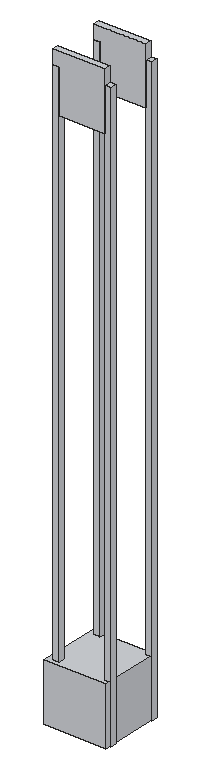
Revit family "GIS_SteelSupport", category Modelos genéricos, Revit 2027
Family settings
  Pode hospedar o vergalhão = Não
  Cota do conector redondo = Utilizar diâmetro
  Tipo de parte = Normal
  Com base no plano de trabalho = Não
  Sempre na vertical = Sim
  Corte com vazios quando carregada = Não
  Manter orientação da anotação = Não
  Compartilhado = Não
  Ponto de cálculo do ambiente = Não
Parameters (values of type "GIS_STEEL_SUPPORT_STUDY")
  Elevação padrão = 0 mm
  BIM_TensaoSecundaria_kV = 0
  BIM_TensaoNominal_kV = 0
  BIM_TensaoClasse_kV = 0
  BIM_TensaoClasseSecundaria_kV = 0
  BIM_TensaoAuxiliarCA_kV = 0
  BIM_Sistema_Elemento [instance] = ""
  BIM_ReferenciaCatalogo = "Portfolio estimate; structural design pending"
  BIM_Profundidade = 240 mm
  BIM_Potencia_MVA = 0
  BIM_Localizacao [instance] = ""
  BIM_Largura = 240 mm
  BIM_Impedancia_pu = 0
  BIM_FonteGeometria = "Portfolio estimate; structural design pending"
  BIM_Fabricante = "NAO SELECIONADO"
  BIM_EstadoGeometria = "ESTIMATED"
  BIM_EstadoEspecificacao = "PREMISSA / NAO SELECIONADO"
  BIM_DescricaoEstudo = "Suporte metalico conceitual; perfis, cargas e ancoragens pendentes."
  BIM_CorrenteReferenciaSecundaria_A = 0
  BIM_CorrenteNominal_A = 0
  BIM_Bay [instance] = ""
  BIM_AlturaCorpoPrincipal = 224 mm
  BIM_Altura = 2800 mm
Reference planes
  plane 1 "Centro (Frente/Trás)": y = 0
  plane 2: z = 0
  plane 3 "Centro (Esquerda/Direita)": x = 0
  plane 4 "BIM Left": x = -120
  plane 5 "BIM Right": x = 120
  plane 6 "BIM Front": y = -120
  plane 7 "BIM Back": y = 120
Forms (mm)
  Extrusion 1, solid
    sketch origin (0, 0, 0) x (1, 0, 0) y (0, 1, 0)
      loop
        line (-120, -120) -> (120, -120) -> (120, 120) -> (-120, 120) -> (-120, -120)
    from 0 to 224 <- "BIM_AlturaCorpoPrincipal"
  Extrusion 2, solid
    sketch origin (0, 0, 0) x (1, 0, 0) y (0, 1, 0)
      loop
        line (-100.8, -100.8) -> (-76.8, -100.8) -> (-76.8, -76.8) -> (-100.8, -76.8) -> (-100.8, -100.8)
    from 0 to 2296
  Extrusion 3, solid
    sketch origin (0, 0, 0) x (1, 0, 0) y (0, 1, 0)
      loop
        line (100.8, -100.8) -> (124.8, -100.8) -> (124.8, -76.8) -> (100.8, -76.8) -> (100.8, -100.8)
    from 0 to 2296
  Extrusion 4, solid
    sketch origin (0, 0, 0) x (1, 0, 0) y (0, 1, 0)
      loop
        line (-100.8, 100.8) -> (-76.8, 100.8) -> (-76.8, 124.8) -> (-100.8, 124.8) -> (-100.8, 100.8)
    from 0 to 2296
  Extrusion 5, solid
    sketch origin (0, 0, 0) x (1, 0, 0) y (0, 1, 0)
      loop
        line (100.8, 100.8) -> (124.8, 100.8) -> (124.8, 124.8) -> (100.8, 124.8) -> (100.8, 100.8)
    from 0 to 2296
  Extrusion 6, solid
    sketch origin (0, 0, 2128) x (1, 0, 0) y (0, 1, 0)
      loop
        line (-100.8, 100.8) -> (100.8, 100.8) -> (100.8, 124.8) -> (-100.8, 124.8) -> (-100.8, 100.8)
    from 0 to 224
  Extrusion 7, solid
    sketch origin (0, 0, 2128) x (1, 0, 0) y (0, 1, 0)
      loop
        line (-100.8, -100.8) -> (100.8, -100.8) -> (100.8, -76.8) -> (-100.8, -76.8) -> (-100.8, -100.8)
    from 0 to 224
Dimensions and locks
  "BIM_Largura": plane 4 "BIM Left" to plane 5 "BIM Right"
  "BIM_Profundidade": plane 6 "BIM Front" to plane 7 "BIM Back"
  aligned and locked: level to plane 2
  aligned and locked: plane 4 "BIM Left" to Extrusion 1
  aligned and locked: Extrusion 1 to plane 5 "BIM Right"
  aligned and locked: Extrusion 1 to plane 6 "BIM Front"
  aligned and locked: plane 7 "BIM Back" to Extrusion 1
Automatic sketch dimensions
  Extrusion 1 sketch curve to plane 4 "BIM Left" = 0 mm
  Extrusion 1 sketch curve to plane 5 "BIM Right" = 0 mm
  Extrusion 1 sketch curve to plane 6 "BIM Front" = 0 mm
  Extrusion 1 sketch curve to plane 7 "BIM Back" = 0 mm
  Extrusion 2 sketch curve to plane 4 "BIM Left" = 19.2 mm
  Extrusion 2 sketch curve to Extrusion 2 sketch curve = 24 mm  (x2)
  plane 6 "BIM Front" to Extrusion 2 sketch curve = 19.2 mm
  plane 5 "BIM Right" to Extrusion 3 sketch curve = 19.2 mm
  Extrusion 3 sketch curve to plane 5 "BIM Right" = 4.8 mm
  plane 6 "BIM Front" to Extrusion 3 sketch curve = 19.2 mm
  Extrusion 3 sketch curve to Extrusion 3 sketch curve = 24 mm
  Extrusion 4 sketch curve to plane 4 "BIM Left" = 19.2 mm
  plane 7 "BIM Back" to Extrusion 4 sketch curve = 4.8 mm
  Extrusion 4 sketch curve to Extrusion 4 sketch curve = 24 mm
  Extrusion 4 sketch curve to plane 7 "BIM Back" = 19.2 mm
  plane 5 "BIM Right" to Extrusion 5 sketch curve = 19.2 mm
  Extrusion 5 sketch curve to plane 5 "BIM Right" = 4.8 mm
  Extrusion 5 sketch curve to plane 7 "BIM Back" = 19.2 mm
  plane 7 "BIM Back" to Extrusion 5 sketch curve = 4.8 mm
  Extrusion 6 sketch curve to plane 4 "BIM Left" = 19.2 mm
  plane 7 "BIM Back" to Extrusion 6 sketch curve = 4.8 mm
  plane 5 "BIM Right" to Extrusion 6 sketch curve = 19.2 mm
  Extrusion 6 sketch curve to plane 7 "BIM Back" = 19.2 mm
  Extrusion 7 sketch curve to plane 4 "BIM Left" = 19.2 mm
  plane 5 "BIM Right" to Extrusion 7 sketch curve = 19.2 mm
  plane 6 "BIM Front" to Extrusion 7 sketch curve = 19.2 mm
  Extrusion 7 sketch curve to Extrusion 7 sketch curve = 24 mm
